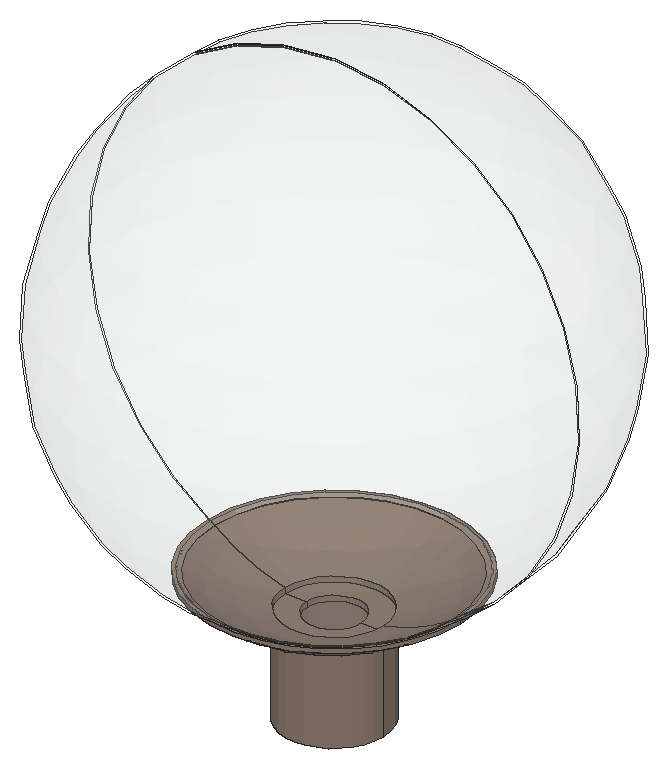
Revit family "WG018", category Generic Models, Revit 2014
Parameters
  GLASS = Glass
  CAST = Bronze, Architectural
Reference planes (in)
  plane 1 "Center (Front/Back)": y = 0
  plane 2: z = 0
  plane 3 "Center (Left/Right)": x = 0
Forms (in)
  Revolve 1, solid, material "Bronze, Architectural" <- "CAST"
    sketch origin (0, 0, 0) x (1, 0, 0) y (0, 0, 1)
      loop
        line (-2, 3.4375) -> (-2, 3.25) -> (-1.8125, 3.25) -> (-1.8125, 0) -> (-1.625, 0) -> (-1.625, 3.25) -> (-1, 3.25) -> (-1, 3.4375) -> (-2, 3.4375)
      axis (0, 3.4375) -> (0, 0)
    angle from 0 to 360
  Revolve 2, solid, material "Bronze, Architectural" <- "CAST"
    sketch origin (0, 0, 0) x (1, 0, 0) y (0, 0, 1)
      loop
        line (-4.64385, 4.84375) -> (-4.64385, 4.70312)
        arc (-4.64385, 4.70312) -> (-3.28946, 3.90784) -> (-1.79338, 3.42975) r 7.1007
        line (-1.79338, 3.42975) -> (-1.79338, 3.62111)
        arc (-1.79338, 3.62111) -> (-3.2229, 4.08347) -> (-4.51877, 4.84375) r 6.9132
        line (-4.51877, 4.84375) -> (-4.64385, 4.84375)
      axis (0, 4.84375) -> (0, 3.42975)
    angle from 0 to 360
  Revolve 3, solid, material "Glass" <- "GLASS"
    sketch origin (0, 0, 0) x (1, 0, 0) y (0, 0, 1)
      loop
        arc (0, 21.56308) -> (-8.71033, 14.82808) -> (-4.38418, 4.70312) r 9
        line (-4.38418, 4.70312) -> (-4.35373, 4.75771)
        arc (-4.35373, 4.75771) -> (-8.64984, 14.81235) -> (0, 21.50058) r 8.9375
        line (0, 21.50058) -> (0, 21.56308)
      axis (0, 21.56308) -> (0, 4.70312)
    angle from 0 to 360
Dimensions and locks (in)
  aligned and locked: plane 2 to level
